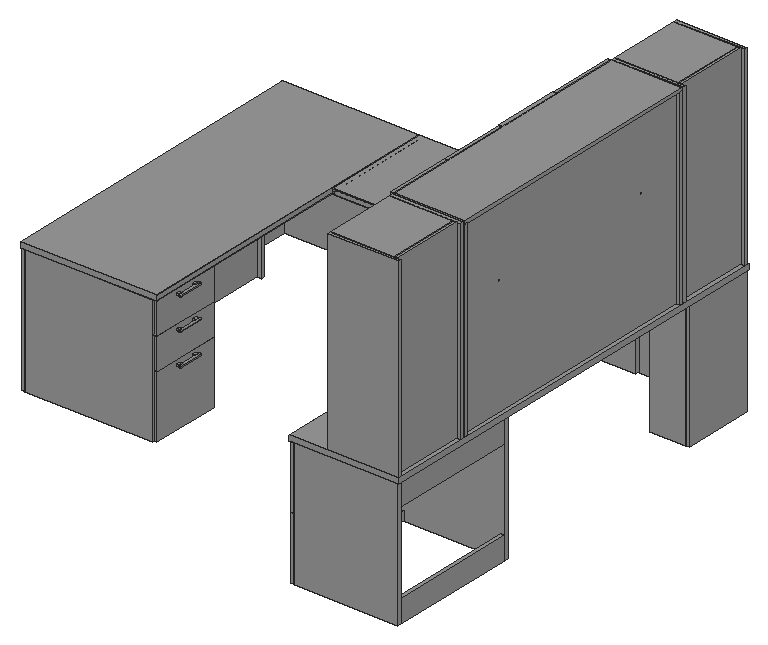
Revit family "JSI-Vision-Typical_Laminate-VST114", category Furniture, Revit 2020
Family settings
  OmniClass Number = 23.40.20.00
  OmniClass Title = General Furniture and Specialties
  Work Plane-Based = No
  Always vertical = Yes
  Cut with Voids When Loaded = No
  Shared = No
  Room Calculation Point = No
Parameters (values of type "VST114")
  URL = "www.jsifurniture.com"
  Type Comments = "Typical Laminate"  # constant formula
  Model = "VST114"
  Manufacturer = "JSI"  # constant formula
  Keynote = "12500"
  Default Elevation = 0"
  Assembly Code = "E2020200"
Reference planes (in)
  plane 1 "Center Front/Back": y = 0
  plane 2: z = 0
  plane 3 "Center Left/Right": x = 0
Dimensions and locks (in)
  aligned and locked: level to plane 2
Nested families (in)
  nested 1: "JSI-Vision-Overhead_Bookcase" at (102.25, -78, -0.8165) x (0, -1, 0) z (0, 0, 1), type "VST1618BO, Laminate Bookcase OH Cab. 16" x 18""
    with Width 18", Unit Centre 9"
  nested 2: "JSI-Vision-Modular_Wing_End_Support" at (102.25, 0, 0) x (0, -1, 0) z (0, 0, 1), type "VST1624WEAL, Wing End Sup - Left"
  nested 3: "JSI-Vision-Overhead_Cabinets" at (102.25, -17.875, -0.8165) x (0, -1, 0) z (0, 0, 1), type "VST1660SO, Laminate OH Cab. 16" x 60", 4 Doors"
    with Verticall Partition Distance 29 3/4", Unit Centre 30", Width 60", Door Width Actual 14 25/32", Door Array Spacing 14 29/32", Door Width 14 25/32", # of Doors 4
  nested 4: "JSI-Vision-Credenza_Top" at (102.25, 0, 27.996) x (0, -1, 0) z (0, 0, 1), type "VST2496MCT, Laminate Credenza Top, 24" x 96""
    with Height 0", Width 96", Depth 24"
  nested 5: "JSI-Vision-Modular_Multi_File_Pedestal" at (102.25, -65.75, 0) x (0, -1, 0) z (0, 0, 1), type "VST3024MRM, Laminate Modular Multi File Ped - Right"
    with Multi Pstn 22 5/8", L no, Height 27.996", Depth 24"
  nested 6: "JSI-Vision-Single_Pedestal_Desk-Break_Front_Modesty" at (10.75, -35.93587, 0) x (0, 1, 0) z (0, 0, 1), type "VST3072LD, Laminate 30 x 72 Left Ped Desk, Brk Frnt Modesty"
    with Width 72", Height 29.187", Panel FF 56 1/4"
  nested 7: "JSI-Vision-Overhead_Bookcase" at (102.25, -18, -0.8165) x (0, 1, 0) z (0, 0, 1), type "VST1618BO, Laminate Bookcase OH Cab. 16" x 18""
    with Width 18", Unit Centre 9"
  nested 8: "JSI-Vision-Support_Rail_Work_Surface" at (91.25, -20.94691, 0.18378) x (0, -1, 0) z (0, 0, 1), type "GP0243SB, Metal Support Rail for Work Surface  2W 43 L 3/4H"
  nested 9: "JSI-Vision-Bridge_Modesty_Panel" at (30, 0, 0), type "VST2448EB, Bridge w/Modesty Panel 24"d x 48"w"
Definition of nested family "JSI-Vision-Overhead_Bookcase"
  Parameters (values of type "Overhead Bookcase - Type Catalog Family")
    Top = none
    Width = 36"
    Unit Centre = Width / 2  # 18"
    URL = "www.jsifurniture.com"
    Type Comments = ""
    Tag = "Open"
    Series = "Vision Casegoods"  # constant formula
    Overhead Height = 26 1/2"
    OH Elevation = 30"
    Model = "Type Catalog"
    Material = ""
    Manufacturer = "JSI"  # constant formula
    Keynote = "12500"  # constant formula
    JSI Enviromental Website = "http://www.jsifurniture.com/jsi_sustainability_intro.php"
    Height = 42"
    Grommet Finish = none
    Door Front = none
    Description = "Type Catalog"
    Depth = 15 7/16"
    Default Elevation = 0"
    Chassis = none
    Assembly Code = "E2020200"
  Reference planes (in)
    plane 1 "Center Front/Back": y = 0
    plane 2: z = 0
    plane 3 "Center Left/Right": x = 0
    plane 4: z = 0
    plane 5: y = -0.125
    plane 6: x = 0.125
    plane 7: x = 36
    plane 8: x = 35.875
    plane 9: y = -15.5625
    plane 10: y = -15.6875
    plane 11: y = -16.4375
    plane 12: x = 0.875
    plane 13: x = 35.125
    plane 14: x = 18
    plane 15: z = 72.5
    plane 16: z = 71.75
    plane 17: z = 30
    plane 18: x = 0.1875
    plane 19: x = 35.8125
    plane 20: z = 72
    plane 21: z = 56.875
    plane 22: z = 43.25
    plane 23: z = 57.25
    plane 24: z = 56.5
    plane 25: z = 43.625
    plane 26: z = 42.875
    plane 27: z = 55
  Forms (in)
    Extrusion 1, solid, material <- "Chassis"
      sketch origin (0, 0, 0) x (1, 0, 0) y (0, 1, 0)
        loop
          line (0.125, -0.125) -> (0.125, -15.5625) -> (0.875, -15.5625) -> (0.875, -0.125) -> (0.125, -0.125)
      from 30 to 72.5
    Extrusion 2, solid, material <- "Chassis"
      sketch origin (0, 0, 0) x (1, 0, 0) y (0, 1, 0)
        loop
          line (35.125, -0.125) -> (35.125, -15.5625) -> (35.875, -15.5625) -> (35.875, -0.125) -> (35.125, -0.125)
      from 30 to 72.5
    Extrusion 3, solid, material <- "Chassis"
      sketch origin (102.12288, -0.9375, 48) x (1, 0, 0) y (0, 0, 1)
        loop
          line (-101.24788, 24.5) -> (-101.24788, -18) -> (-66.99788, -18) -> (-66.99788, 24.5) -> (-101.24788, 24.5)
      from 0 to 0.75
    Extrusion 4, solid, material <- "Top"
      sketch origin (60, -0.125, 48) x (1, 0, 0) y (0, 0, 1)
        loop
          line (-59.125, 24.5) -> (-59.125, 23.75) -> (-24.875, 23.75) -> (-24.875, 24.5) -> (-59.125, 24.5)
      from 1.5625 to 15.4375
    Extrusion 5, solid, material <- "Chassis"
      sketch origin (60, -0.125, 48) x (1, 0, 0) y (0, 0, 1)
        loop
          line (-59.125, 9.25) -> (-59.125, 8.5) -> (-24.875, 8.5) -> (-24.875, 9.25) -> (-59.125, 9.25)
      from 1.5625 to 15.4375
    Extrusion 6, solid, material <- "Chassis"
      sketch origin (60, -0.125, 48) x (1, 0, 0) y (0, 0, 1)
        loop
          line (-59.125, -4.375) -> (-59.125, -5.125) -> (-24.875, -5.125) -> (-24.875, -4.375) -> (-59.125, -4.375)
      from 1.5625 to 15.4375
    Extrusion 7, solid, material <- "Chassis"
      sketch origin (0, 0, 0) x (1, 0, 0) y (0, 1, 0)
        loop
          line (0.875, -14.0625) -> (0.875, -14.8125) -> (35.125, -14.8125) -> (35.125, -14.0625) -> (0.875, -14.0625)
      from 55 to 56.5
  Lines and regions (in)
    symbolic lines
      curve 1: line (35.875, -0.125, 0) -> (0.125, -0.125, 0)
      curve 2: line (0.125, -0.125, 0) -> (0.125, -15.5625, 0)
      curve 3: line (0.125, -15.5625, 0) -> (35.875, -15.5625, 0)
      curve 4: line (35.875, -15.5625, 0) -> (35.875, -0.125, 0)
  Dimensions and locks (in)
    locked: plane 3 "Center Left/Right" to plane 6 at 0.125
    "Width": plane 3 "Center Left/Right" to plane 7
    locked: plane 8 to plane 7 at 0.125
    locked: plane 10 to plane 9 at 0.125
    locked: plane 11 to plane 10 at 0.75
    Extrusion 4 to Extrusion 3 to plane 5 to plane 1 "Center Front/Back" = 3/4" locked, 13/16" locked, 1/8" locked
    locked: plane 6 to plane 12 at 0.75
    locked: plane 13 to plane 8 at 0.75
    "Unit Centre": plane 3 "Center Left/Right" to plane 14
    locked: plane 15 to plane 16 at 0.75
    "OH Elevation": plane 17 to plane 4
    locked: plane 6 to plane 18 at 0.0625
    locked: plane 19 to plane 8 at 0.0625
    "Depth": plane 9 to plane 5
    locked: plane 15 to plane 20 at 0.5
    "Height": plane 20 to plane 17
    plane 23 to plane 21 to plane 24 = 3/8" locked, 3/8" locked
    plane 25 to plane 22 to plane 26 = 3/8" locked, 3/8" locked
    locked: plane 24 to plane 27 at 1.5
    equal spacing: plane 24, plane 22, plane 17
    "Overhead Height": plane 24 to plane 17
    plane 11 to Extrusion 7 sketch curve to Extrusion 7 sketch curve = 1 5/8" locked, 3/4" locked
    plane 5 to Extrusion 3 to Extrusion 3 = 13/16" locked, 3/4" locked
    aligned and locked: level to plane 2
    aligned and locked: plane 6 to Extrusion 1 sketch curve
    aligned and locked: Extrusion 1 sketch curve to plane 9
    aligned and locked: Extrusion 1 sketch curve to plane 12
    aligned and locked: plane 5 to Extrusion 1 sketch curve
    aligned and locked: plane 13 to Extrusion 2 sketch curve
    aligned and locked: Extrusion 2 sketch curve to plane 9
    aligned and locked: Extrusion 2 sketch curve to plane 8
    aligned and locked: plane 5 to Extrusion 2 sketch curve
    aligned and locked: plane 12 to Extrusion 3 sketch curve
    aligned and locked: Extrusion 3 sketch curve to plane 13
    aligned and locked: Extrusion 1 to plane 17
    aligned and locked: Extrusion 2 to plane 17
    aligned and locked: plane 16 to Extrusion 4 sketch curve
    aligned and locked: Extrusion 4 sketch curve to plane 15
    aligned and locked: Extrusion 5 sketch curve to plane 23
    aligned and locked: plane 24 to Extrusion 5 sketch curve
    aligned and locked: Extrusion 5 sketch curve to plane 13
    aligned and locked: plane 12 to Extrusion 5 sketch curve
    aligned and locked: Extrusion 6 sketch curve to plane 25
    aligned and locked: plane 26 to Extrusion 6 sketch curve
    aligned and locked: Extrusion 6 sketch curve to plane 13
    aligned and locked: plane 12 to Extrusion 6 sketch curve
    aligned and locked: plane 9 to Extrusion 5
    aligned and locked: plane 9 to Extrusion 6
    aligned and locked: Extrusion 7 sketch curve to plane 13
    aligned and locked: plane 12 to Extrusion 7 sketch curve
    aligned and locked: plane 24 to Extrusion 7
    aligned and locked: Extrusion 7 to plane 27
    aligned and locked: plane 14 to nested 1
    aligned and locked: plane 9 to nested 1
    aligned and locked: plane 15 to Extrusion 1
    aligned and locked: plane 15 to Extrusion 2
    aligned and locked: plane 15 to Extrusion 3
    aligned and locked: plane 13 to Extrusion 4
    aligned and locked: Extrusion 4 to plane 12
    aligned and locked: plane 9 to Extrusion 4
    aligned and locked: curve 1 to Extrusion 1
    aligned and locked: curve 2 to Extrusion 1
    aligned and locked: curve 3 to Extrusion 4
    aligned and locked: curve 4 to Extrusion 2
    aligned and locked: Extrusion 3 to Extrusion 4
    aligned and locked: Extrusion 5 to Extrusion 3
    aligned and locked: Extrusion 6 to Extrusion 3
  Automatic sketch dimensions
    plane 16 to Extrusion 3 sketch curve = 3/4"
    plane 6 to Extrusion 4 sketch curve = 3/4"
    Extrusion 4 sketch curve to plane 8 = 3/4"
    Extrusion 3 sketch curve to plane 17 = 0"
  Nested families (in)
    nested 1: "Label 1-16 OH" at (18, -15.5625, 0), type "OH DOORS"
  Definition of nested family "Label 1-16 OH"
    Parameters
      Width = 1"
      Model Name = "4 Doors"
    Reference planes (in)
      plane 1: y = 0
      plane 2: x = 0
    Text (in)
      label "XX" at (0.00051, -0.12324, 0), shows "Model Name"
Definition of nested family "JSI-Vision-Modular_Wing_End_Support"
  Parameters (values of type "VST1624WEAL, Wing End Sup - Left")
    Width = 16"
    URL = "www.jsifurniture.com"
    Series = "Vision Casegoods"  # constant formula
    Pnl Pstn = if(L, 1/8", Width - 7/8")  # 1/8"
    Model = "VST1624WEAL"
    Manufacturer = "JSI"  # constant formula
    L = yes
    Keynote = "12500"  # constant formula
    JSI Enviromental website = "http://www.jsifurniture.com/jsi_sustainability_intro.php"
    Height = 28"
    Grommet Finish = none
    Description = "Wing End Support 16\"W x 24\"D - Left"
    Depth = 24"
    Default Elevation = 0"
    Chassis = none
    Assembly Code = "E2020200"
  Reference planes (in)
    plane 1 "Center Front/Back": y = 0
    plane 2: z = 0
    plane 3 "Center Left/Right": x = 0
    plane 4: x = 0.125
    plane 5: x = 15.875
    plane 6: x = 16
    plane 7: y = -0.1875
    plane 8: z = 28
    plane 9: x = 0.875
    plane 10: x = 15.126
    plane 11: y = -24
    plane 12: y = -23.8125
    plane 13: y = -0.9375
    plane 14: x = 0.125
    plane 15: x = 15.875
  Forms (in)
    Extrusion 1, solid, material <- "Chassis"
      sketch origin (0, 0, 0) x (1, 0, 0) y (0, 1, 0)
        loop
          line (0.125, -0.1875) -> (0.125, -0.9375) -> (15.875, -0.9375) -> (15.875, -0.1875) -> (0.125, -0.1875)
      from 0 to 28
    Extrusion 2, solid, material <- "Chassis"
      sketch origin (0.125, -0.1875, 48) x (0, 1, 0) y (0, 0, 1)
        loop
          line (-0.75, -20) -> (-23.625, -20) -> (-23.625, -48) -> (-0.75, -48) -> (-0.75, -20)
      from 0 to 0.75
    Extrusion 3, solid, material <- "Chassis"
      sketch origin (15.875, -0.1875, 48) x (0, 1, 0) y (0, 0, 1)
        loop
          line (-0.75, -20) -> (-8.75, -20) -> (-8.75, -48) -> (-0.75, -48) -> (-0.75, -20)
      from -0.749 to 0
    Extrusion 4, solid, material <- "Chassis"
      sketch origin (0, 0, 0) x (0, 1, 0) y (0, 0, 1)
        loop
          line (-0.9375, 1.75) -> (-0.9375, 2.5) -> (-2.875, 2.5) -> (-2.875, 1.75) -> (-0.9375, 1.75)
      from 0.875 to 15.126
  Lines and regions (in)
    symbolic lines
      curve 1: line (15.875, -0.1875, 0) -> (0.125, -0.1875, 0)
      curve 2: line (0.125, -23.8125, 0) -> (0.125, -0.1875, 0)
      curve 3: line (15.875, -0.1875, 0) -> (15.875, -4.9375, 0)
      curve 4: line (0.125, -0.9375, 0) -> (15.875, -0.9375, 0)
      curve 5: line (0.875, -0.9375, 0) -> (0.875, -23.8125, 0)
      curve 6: line (0.125, -23.8125, 0) -> (0.875, -23.8125, 0)
      curve 7: line (15.126, -0.9375, 0) -> (15.126, -4.9375, 0)
      curve 8: line (15.126, -4.9375, 0) -> (15.875, -4.9375, 0)
  Dimensions and locks (in)
    locked: plane 1 "Center Front/Back" to plane 7 at 0.1875
    "Height": plane 8 to level
    locked: plane 4 to plane 9 at 0.75
    locked: plane 10 to plane 5 at 0.749
    "Depth": plane 11 to plane 1 "Center Front/Back"
    "Width": plane 3 "Center Left/Right" to plane 6
    locked: plane 3 "Center Left/Right" to plane 14 at 0.125
    locked: plane 15 to plane 6 at 0.125
    locked: Extrusion 1 to Extrusion 4 at 0.75
    locked: Extrusion 4 to Extrusion 1 at 0.749
    "Pnl Pstn": plane 3 "Center Left/Right" to plane 4
    "Pnl Pstn": plane 5 to plane 6
    locked: plane 12 to plane 11 at 0.1875
    Extrusion 4 to Extrusion 4 to plane 2 = 3/4" locked, 1 3/4" locked
    locked: plane 13 to Extrusion 4 at 1.9375
    aligned and locked: level to plane 2
    aligned and locked: Extrusion 1 sketch curve to plane 7
    aligned and locked: Extrusion 2 sketch curve to level
    aligned and locked: Extrusion 3 sketch curve to plane 8
    aligned and locked: level to Extrusion 3 sketch curve
    aligned and locked: Extrusion 2 to plane 12
    aligned and locked: plane 13 to Extrusion 2
    aligned and locked: plane 9 to Extrusion 2
    aligned and locked: Extrusion 2 to plane 4
    aligned and locked: Extrusion 1 to plane 14
    aligned and locked: plane 15 to Extrusion 1
    aligned and locked: curve 6 to plane 12
    aligned and locked: plane 13 to Extrusion 4 sketch curve
    aligned and locked: plane 13 to Extrusion 3
    aligned and locked: plane 14 to curve 1
  Automatic sketch dimensions
    plane 11 to Extrusion 3 sketch curve = 15 1/16"
    Extrusion 2 sketch curve to plane 8 = 0"
    plane 12 to Extrusion 2 sketch curve = 0"
    Extrusion 1 sketch curve to plane 7 = 3/4"
    Extrusion 2 sketch curve to plane 7 = 3/4"
    Extrusion 3 sketch curve to plane 7 = 3/4"
    Extrusion 1 sketch curve to plane 4 = 0"
    plane 5 to Extrusion 1 sketch curve = 0"
    curve 7 to plane 10 = 0"
    curve 3 to plane 5 = 0"
    curve 2 to plane 4 = 0"
    curve 6 to plane 9 = 0"
    curve 1 to plane 15 = 0"
    curve 4 to plane 13 = 0"
    curve 7 to plane 13 = 0"
    curve 5 to plane 13 = 0"
    curve 2 to plane 7 = 0"
    level to Extrusion 4 sketch curve = 1 3/4"
    Extrusion 4 sketch curve to Extrusion 4 sketch curve = 3/4"
    curve 3 to curve 4 = 4"
    Extrusion 4 sketch curve to plane 13 = 1 15/16"
Definition of nested family "JSI-Vision-Overhead_Cabinets"
  Parameters (values of type "Overhead Cab. Doors - Type Catalog Family")
    Verticall Partition Distance = (Door Width * 2) + 3/16"  # 29 13/16"
    Unit Centre = Width / 2  # 45"
    Top = none
    Width = 90"
    URL = "www.jsifurniture.com"
    Type Comments = ""
    Tag = "6 Doors"
    Series = "Vision Casegoods"  # constant formula
    Right Vertical Partition = yes
    Overhead Height = 26 1/2"
    OH Elevation = 30"
    Model = "Type Catalog"
    Material = ""
    Manufacturer = "JSI"  # constant formula
    Left Vertical Partition = yes
    Keynote = "12500"  # constant formula
    JSI Enviromental Website = "http://www.jsifurniture.com/jsi_sustainability_intro.php"
    Height = 42"
    Grommet Finish = none
    Gromett Height = OH Elevation + 24 5/8"  # 54 5/8"
    Door Width Actual = if(# of Doors > 4, ((Width - 1 1/8") / # of Doors), if(# of Doors > 3, (((Width - 1 1/8") / # of Doors) + 1/16"), if(# of Doors > 2, (((Width - 1 1/8") / # of Doors) + 1/8"), (((Width - 1 1/8") / # of Doors) + 1/4"))))  # 14 13/16"
    Door Array Spacing = Door Width + 1/8"  # 14 15/16"
    Door Width = Door Width Actual  # 14 13/16"
    Door Front = none
    Description = "Type Catalog"
    Depth = 16"
    Default Elevation = 0"
    Chassis = none
    Assembly Code = "E2020200"
    # of Doors = if(Width > 89", 6, (if(Width > 53", 4, (if(Width > 41", 3, (if(Width > 30", 2, 2)))))))  # 6
  Reference planes (in)
    plane 1 "Center Front/Back": y = 0
    plane 2: z = 0
    plane 3 "Center Left/Right": x = 0
    plane 4 "a": z = 0
    plane 5: y = -0.125
    plane 6: x = 90
    plane 7: x = 0.125
    plane 8: x = 89.875
    plane 9: y = -15.5625
    plane 10: y = -16
    plane 11: z = 72.5
    plane 12: z = 72
    plane 13: x = 0.875
    plane 14: x = 89.125
    plane 15: y = -0.875
    plane 16: y = -0.9375
    plane 17: y = -1.6875
    plane 18: z = 71.75
    plane 19: z = 56.5
    plane 20: z = 57.25
    plane 21: z = 55
    plane 22: y = -14.8125
    plane 23: y = -14.0625
    plane 24: x = 0.25
    plane 25: x = 89.75
    plane 26: z = 72.4375
    plane 27: z = 55.1875
    plane 28: y = -15.6875
    plane 29: y = -16.4375
    plane 30: x = 45
    plane 31: x = 30.0625
    plane 32: x = 59.9375
    plane 33: x = 29.6875
    plane 34: x = 30.4375
    plane 35: x = 59.5625
    plane 36: x = 60.3125
    plane 37 "Not a Reference": x = 6.875
    plane 38: x = 83.125
    plane 39: z = 30
  Forms (in)
    Extrusion 1, solid, material <- "Chassis"
      sketch origin (0, 0, 0) x (1, 0, 0) y (0, 1, 0)
        loop
          line (0.125, -0.125) -> (0.125, -15.5625) -> (0.875, -15.5625) -> (0.875, -0.125) -> (0.125, -0.125)
      from 30 to 71.75
    Extrusion 2, solid, material <- "Chassis"
      sketch origin (0, 0, 0) x (1, 0, 0) y (0, 1, 0)
        loop
          line (89.875, -0.125) -> (89.125, -0.125) -> (89.125, -15.5625) -> (89.875, -15.5625) -> (89.875, -0.125)
      from 30 to 71.75
    Extrusion 3, solid, material <- "Door Front"
      sketch origin (0, 0, 0) x (1, 0, 0) y (0, 0, 1)
        loop
          line (0.125, 72.5) -> (0.125, 71.75) -> (89.875, 71.75) -> (89.875, 72.5) -> (0.125, 72.5)
      from 0.125 to 15.5625
    Extrusion 4, solid, material <- "Chassis"
      sketch origin (0, 0, 0) x (1, 0, 0) y (0, 0, 1)
        loop
          line (0.875, 57.25) -> (0.875, 56.5) -> (89.125, 56.5) -> (89.125, 57.25) -> (0.875, 57.25)
      from 1.6875 to 15.5625
    Extrusion 5, solid, material <- "Chassis"
      sketch origin (0, 0, 0) x (1, 0, 0) y (0, 1, 0)
        loop
          line (0.875, -14.0625) -> (0.875, -14.8125) -> (89.125, -14.8125) -> (89.125, -14.0625) -> (0.875, -14.0625)
      from 55 to 56.5
    Extrusion 6, solid, material <- "Door Front"
      sketch origin (-3, 0, 18) x (1, 0, 0) y (0, 1, 0)
        loop
          line (3.25, -15.6875) -> (3.25, -16.4375) -> (18.0625, -16.4375) -> (18.0625, -15.6875) -> (3.25, -15.6875)
      from 37.1875 to 54.4375
    Extrusion 7, solid, material <- "Door Front"
      sketch origin (11.9375, 0, 18) x (1, 0, 0) y (0, 1, 0)
        loop
          line (3.25, -15.6875) -> (3.25, -16.4375) -> (18.0625, -16.4375) -> (18.0625, -15.6875) -> (3.25, -15.6875)
      from 37.1875 to 54.4375
    Extrusion 8, solid, material <- "Chassis", visible <- "Left Vertical Partition"
      sketch origin (0, 0, 0) x (1, 0, 0) y (0, 1, 0)
        loop
          line (29.6875, -1.6875) -> (29.6875, -15.5625) -> (30.4375, -15.5625) -> (30.4375, -1.6875) -> (29.6875, -1.6875)
      from 57.25 to 71.75
    Extrusion 9, solid, material <- "Chassis", visible <- "Right Vertical Partition"
      sketch origin (0, 0, 0) x (1, 0, 0) y (0, 1, 0)
        loop
          line (59.5625, -1.6875) -> (59.5625, -15.5625) -> (60.3125, -15.5625) -> (60.3125, -1.6875) -> (59.5625, -1.6875)
      from 57.25 to 71.75
    Extrusion 10, solid, material <- "Chassis"
      sketch origin (130.61992, -0.9375, 48) x (1, 0, 0) y (0, 0, 1)
        loop
          line (-129.74492, 23.75) -> (-129.74492, -18) -> (-41.49492, -18) -> (-41.49492, 23.75) -> (-129.74492, 23.75)
        loop
          circle (-120.11946, 7.90657) r 0.33443
        loop
          circle (-51.12039, 7.90657) r 0.33443
      from 0 to 0.75
    Extrusion 11, solid, material <- "Door Front"
      sketch origin (26.875, 0, 18) x (1, 0, 0) y (0, 1, 0)
        loop
          line (3.25, -15.6875) -> (3.25, -16.4375) -> (18.0625, -16.4375) -> (18.0625, -15.6875) -> (3.25, -15.6875)
      from 37.1875 to 54.4375
    Extrusion 12, solid, material <- "Door Front"
      sketch origin (41.8125, 0, 18) x (1, 0, 0) y (0, 1, 0)
        loop
          line (3.25, -15.6875) -> (3.25, -16.4375) -> (18.0625, -16.4375) -> (18.0625, -15.6875) -> (3.25, -15.6875)
      from 37.1875 to 54.4375
    Extrusion 13, solid, material <- "Door Front"
      sketch origin (56.75, 0, 18) x (1, 0, 0) y (0, 1, 0)
        loop
          line (3.25, -15.6875) -> (3.25, -16.4375) -> (18.0625, -16.4375) -> (18.0625, -15.6875) -> (3.25, -15.6875)
      from 37.1875 to 54.4375
    Extrusion 14, solid, material <- "Door Front"
      sketch origin (71.6875, 0, 18) x (1, 0, 0) y (0, 1, 0)
        loop
          line (3.25, -15.6875) -> (3.25, -16.4375) -> (18.0625, -16.4375) -> (18.0625, -15.6875) -> (3.25, -15.6875)
      from 37.1875 to 54.4375
  Lines and regions (in)
    symbolic lines
      curve 1: line (0.125, -0.125, 0) -> (0.125, -15.5625, 0)
      curve 2: line (89.875, -0.125, 0) -> (0.125, -0.125, 0)
      curve 3: line (0.125, -15.5625, 0) -> (89.875, -15.5625, 0)
      curve 4: line (89.875, -15.5625, 0) -> (89.875, -0.125, 0)
      curve 5: line (0.25, -15.6875, 0) -> (15.0625, -15.6875, 0)
      curve 6: line (0.25, -16.4375, 0) -> (0.25, -15.6875, 0)
      curve 7: line (15.0625, -16.4375, 0) -> (0.25, -16.4375, 0)
      curve 8: line (15.0625, -15.6875, 0) -> (15.0625, -16.4375, 0)
      curve 9: line (15.1875, -15.6875, 0) -> (30, -15.6875, 0)
      curve 10: line (15.1875, -16.4375, 0) -> (15.1875, -15.6875, 0)
      curve 11: line (30, -16.4375, 0) -> (15.1875, -16.4375, 0)
      curve 12: line (30, -15.6875, 0) -> (30, -16.4375, 0)
      curve 13: line (30.125, -15.6875, 0) -> (44.9375, -15.6875, 0)
      curve 14: line (30.125, -16.4375, 0) -> (30.125, -15.6875, 0)
      curve 15: line (44.9375, -16.4375, 0) -> (30.125, -16.4375, 0)
      curve 16: line (44.9375, -15.6875, 0) -> (44.9375, -16.4375, 0)
      curve 17: line (45.0625, -15.6875, 0) -> (59.875, -15.6875, 0)
      curve 18: line (45.0625, -16.4375, 0) -> (45.0625, -15.6875, 0)
      curve 19: line (59.875, -16.4375, 0) -> (45.0625, -16.4375, 0)
      curve 20: line (59.875, -15.6875, 0) -> (59.875, -16.4375, 0)
      curve 21: line (60, -15.6875, 0) -> (74.8125, -15.6875, 0)
      curve 22: line (60, -16.4375, 0) -> (60, -15.6875, 0)
      curve 23: line (74.8125, -16.4375, 0) -> (60, -16.4375, 0)
      curve 24: line (74.8125, -15.6875, 0) -> (74.8125, -16.4375, 0)
      curve 25: line (74.9375, -15.6875, 0) -> (89.75, -15.6875, 0)
      curve 26: line (74.9375, -16.4375, 0) -> (74.9375, -15.6875, 0)
      curve 27: line (89.75, -16.4375, 0) -> (74.9375, -16.4375, 0)
      curve 28: line (89.75, -15.6875, 0) -> (89.75, -16.4375, 0)
  Dimensions and locks (in)
    plane 3 "Center Left/Right" to plane 7 to plane 24 = 1/8" locked, 1/8" locked
    plane 25 to plane 8 to plane 6 = 1/8" locked, 1/8" locked
    locked: plane 5 to plane 1 "Center Front/Back" at 0.125
    plane 10 to plane 9 to plane 22 to plane 23 = 7/16" locked, 3/4" locked, 3/4" locked
    "Width": plane 3 "Center Left/Right" to plane 6
    "Depth": plane 10 to plane 1 "Center Front/Back"
    locked: plane 11 to plane 12 at 0.5
    locked: plane 7 to plane 13 at 0.75
    locked: plane 14 to plane 8 at 0.75
    locked: plane 15 to plane 5 at 0.75
    plane 17 to plane 16 to plane 5 = 3/4" locked, 13/16" locked
    locked: plane 11 to plane 18 at 0.75
    plane 20 to plane 19 to plane 21 = 3/4" locked, 1 1/2" locked
    plane 18 to plane 20 = 14 1/2"
    locked: plane 11 to plane 26 at 0.0625
    locked: plane 27 to plane 21 at 0.1875
    plane 29 to plane 28 to plane 9 = 3/4" locked, 1/8" locked
    "Door Width": Extrusion 6 sketch curve to Extrusion 6 sketch curve
    "Door Width": Extrusion 7 sketch curve to Extrusion 7 sketch curve
    equal spacing: group 1, group 2, group 3, group 4, group 5, group 6  (x3)
    "Door Array Spacing": Extrusion 6 to Extrusion 7
    "Verticall Partition Distance": plane 24 to plane 31
    plane 33 to plane 31 to plane 34 = 3/8" locked, 3/8" locked
    plane 35 to plane 32 to plane 36 = 3/8" locked, 3/8" locked
    "Verticall Partition Distance": plane 32 to plane 25
    "Unit Centre": plane 3 "Center Left/Right" to plane 30
    locked: plane 13 to plane 37 "Not a Reference" at 6
    locked: plane 38 to plane 14 at 6
    "Door Width": Extrusion 11 sketch curve to Extrusion 11 sketch curve
    "Door Width": Extrusion 12 sketch curve to Extrusion 12 sketch curve
    "OH Elevation": plane 39 to plane 4 "a"
    "Height": plane 12 to plane 39
    "Overhead Height": plane 19 to plane 39
    "Door Width": Extrusion 13 sketch curve to Extrusion 13 sketch curve
    "Door Width": Extrusion 14 sketch curve to Extrusion 14 sketch curve
    locked: Extrusion 10 sketch curve to Extrusion 10 sketch curve at 9.62546  (x2)
    locked: Extrusion 10 sketch curve to Extrusion 10 sketch curve at 15.84343  (x2)
    aligned and locked: level to plane 2
    aligned and locked: plane 5 to Extrusion 1 sketch curve
    aligned and locked: plane 7 to Extrusion 1 sketch curve
    aligned and locked: Extrusion 1 sketch curve to plane 13
    aligned and locked: Extrusion 2 sketch curve to plane 5
    aligned and locked: plane 8 to Extrusion 2 sketch curve
    aligned and locked: Extrusion 2 sketch curve to plane 14
    aligned and locked: Extrusion 3 sketch curve to plane 11
    aligned and locked: plane 7 to Extrusion 3 sketch curve
    aligned and locked: Extrusion 3 to plane 5
    aligned and locked: plane 9 to Extrusion 1
    aligned and locked: plane 9 to Extrusion 2
    aligned and locked: plane 9 to Extrusion 3
    aligned and locked: Extrusion 4 sketch curve to plane 20
    aligned and locked: plane 13 to Extrusion 4 sketch curve
    aligned and locked: plane 19 to Extrusion 4 sketch curve
    aligned and locked: Extrusion 4 sketch curve to plane 14
    aligned and locked: Extrusion 4 to plane 17
    aligned and locked: plane 9 to Extrusion 4
    aligned and locked: plane 23 to Extrusion 5 sketch curve
    aligned and locked: plane 13 to Extrusion 5 sketch curve
    aligned and locked: Extrusion 5 sketch curve to plane 22
    aligned and locked: Extrusion 5 sketch curve to plane 14
    aligned and locked: plane 19 to Extrusion 5
    aligned and locked: Extrusion 5 to plane 21
    aligned and locked: plane 26 to Extrusion 6
    aligned and locked: Extrusion 6 to plane 24
    aligned and locked: plane 17 to Extrusion 8 sketch curve
    aligned and locked: plane 33 to Extrusion 8 sketch curve
    aligned and locked: Extrusion 8 sketch curve to plane 9
    aligned and locked: Extrusion 8 sketch curve to plane 34
    aligned and locked: plane 17 to Extrusion 9 sketch curve
    aligned and locked: plane 35 to Extrusion 9 sketch curve
    aligned and locked: Extrusion 9 sketch curve to plane 9
    aligned and locked: Extrusion 9 sketch curve to plane 36
    aligned and locked: plane 18 to Extrusion 8
    aligned and locked: Extrusion 8 to plane 20
    aligned and locked: plane 18 to Extrusion 9
    aligned and locked: Extrusion 9 to plane 20
    aligned and locked: Extrusion 1 to Extrusion 10 sketch curve
    aligned and locked: Extrusion 10 sketch curve to Extrusion 1
    aligned and locked: Extrusion 2 to Extrusion 10 sketch curve
    aligned and locked: Extrusion 10 to plane 16
    aligned and locked: plane 17 to Extrusion 10
    aligned and locked: plane 30 to nested 1
    aligned and locked: plane 29 to nested 1
    aligned and locked: plane 26 to Extrusion 7
    aligned and locked: plane 18 to Extrusion 1
    aligned and locked: plane 18 to Extrusion 2
    aligned and locked: Extrusion 6 to plane 27
    aligned and locked: curve 1 to Extrusion 3
    aligned and locked: curve 2 to Extrusion 3
    aligned and locked: curve 3 to Extrusion 3
    aligned and locked: curve 4 to Extrusion 3
    aligned and locked: Extrusion 1 to plane 39
    aligned and locked: Extrusion 2 to plane 39
    aligned and locked: curve 5 to Extrusion 6
    aligned and locked: curve 6 to Extrusion 6
    aligned and locked: curve 7 to Extrusion 6
    aligned and locked: curve 8 to Extrusion 6
    aligned and locked: curve 9 to Extrusion 7
    aligned and locked: curve 10 to Extrusion 7
    aligned and locked: curve 11 to Extrusion 7
    aligned and locked: curve 12 to Extrusion 7
    aligned and locked: curve 13 to Extrusion 11
    aligned and locked: curve 14 to Extrusion 11
    aligned and locked: curve 15 to Extrusion 11
    aligned and locked: curve 16 to Extrusion 11
    aligned and locked: curve 17 to Extrusion 12
    aligned and locked: curve 18 to Extrusion 12
    aligned and locked: curve 19 to Extrusion 12
    aligned and locked: curve 20 to Extrusion 12
    aligned and locked: curve 21 to Extrusion 13
    aligned and locked: curve 22 to Extrusion 13
    aligned and locked: curve 23 to Extrusion 13
    aligned and locked: curve 24 to Extrusion 13
    aligned and locked: curve 25 to Extrusion 14
    aligned and locked: curve 26 to Extrusion 14
    aligned and locked: curve 27 to Extrusion 14
    aligned and locked: curve 28 to Extrusion 14
  Automatic sketch dimensions
    Extrusion 1 sketch curve to plane 10 = 7/16"
    Extrusion 3 sketch curve to plane 8 = 0"
    Extrusion 3 sketch curve to plane 18 = 0"
    plane 9 to Extrusion 2 sketch curve = 0"
    Extrusion 6 sketch curve to Extrusion 6 sketch curve = 3/4"
    Extrusion 7 sketch curve to Extrusion 7 sketch curve = 3/4"
    Extrusion 11 sketch curve to Extrusion 11 sketch curve = 3/4"
    Extrusion 12 sketch curve to Extrusion 12 sketch curve = 3/4"
    curve 6 to curve 7 = 14 13/16"
    curve 6 to curve 6 = 3/4"
    curve 10 to curve 11 = 14 13/16"
    curve 10 to curve 10 = 3/4"
    curve 14 to curve 15 = 14 13/16"
    curve 14 to curve 14 = 3/4"
    curve 18 to curve 19 = 14 13/16"
    curve 18 to curve 18 = 3/4"
    Extrusion 13 sketch curve to Extrusion 13 sketch curve = 3/4"
    curve 22 to curve 23 = 14 13/16"
    curve 22 to curve 22 = 3/4"
    Extrusion 14 sketch curve to Extrusion 14 sketch curve = 3/4"
    curve 26 to curve 27 = 14 13/16"
    curve 26 to curve 26 = 3/4"
    Extrusion 10 sketch curve to plane 39 = 0"
    radius of Extrusion 10 sketch curve = 0.33443"  (x2)
  Nested families (in)
    nested 1: "Label 1-16 OH" at (45, -16.4375, 0), type "OH DOORS"
  Definition of nested family "Label 1-16 OH"
    Parameters
      Width = 1"
      Model Name = "XX"
    Reference planes (in)
      plane 1: y = 0
      plane 2: x = 0
    Text (in)
      label "XX" at (0.00051, -0.12324, 0), shows "Model Name"
Definition of nested family "JSI-Vision-Credenza_Top"
  Parameters (values of type "Type Catalog")
    Worksurface = none
    Width = 30"
    URL = "www.jsifurniture.com"
    Type Comments = ""
    Series = "Vision Casegoods"  # constant formula
    Model = "Type Catalog"
    Material = ""
    Manufacturer = "JSI"  # constant formula
    Keynote = "12500"
    JSI Enviromental Website = "http://www.jsifurniture.com/jsi_sustainability_intro.php"
    Height [instance] = 0"
    Description = "Type Catalog"
    Depth = 20"
    Default Elevation = 0"
    Assembly Code = "E2020200"
  Reference planes (in)
    plane 1 "Center Front/Back": y = 0
    plane 2: z = 0
    plane 3 "Center Left/Right": x = 0
    plane 4: z = 0
    plane 5: x = 30
    plane 6: y = -20
    plane 7: z = 1.1875
    plane 8: z = 0
  Forms (in)
    Extrusion 1, solid, material <- "Worksurface"
      sketch origin (0, 0, 28) x (0, 1, 0) y (0, 0, 1)
        loop
          line (-19.88189, -28) -> (0, -28) -> (0, -26.8125) -> (-19.88189, -26.8125)
          arc (-19.88189, -26.8125) -> (-19.96541, -26.84709) -> (-20, -26.93061) r 0.11811
          line (-20, -26.93061) -> (-20, -27.88189)
          arc (-20, -27.88189) -> (-19.96541, -27.96541) -> (-19.88189, -28) r 0.11811
      from 0 to 30
  Lines and regions (in)
    symbolic lines
      curve 1: line (0, 0, 0) -> (30, 0, 0)
      curve 2: line (0, -20, 0) -> (0, 0, 0)
      curve 3: line (30, -20, 0) -> (0, -20, 0)
      curve 4: line (30, 0, 0) -> (30, -20, 0)
  Dimensions and locks (in)
    "Depth": plane 6 to plane 1 "Center Front/Back"
    "Width": plane 5 to plane 3 "Center Left/Right"
    locked: plane 7 to plane 8 at 1.1875
    "Height": plane 8 to level
    aligned and locked: level to plane 2
    aligned and locked: plane 5 to Extrusion 1
    aligned and locked: curve 1 to Extrusion 1
    aligned and locked: curve 2 to Extrusion 1
    aligned and locked: plane 6 to curve 3
    aligned and locked: curve 4 to plane 5
    aligned and locked: Extrusion 1 to plane 8
    aligned and locked: plane 7 to Extrusion 1
  Automatic sketch dimensions
    Extrusion 1 sketch curve to plane 6 = 0"
    level to Extrusion 1 sketch curve = 0"
    Extrusion 1 sketch curve to plane 7 = 0"
    Extrusion 1 sketch curve to plane 1 "Center Front/Back" = 0"
    Extrusion 1 sketch curve to Extrusion 1 sketch curve = 0.11811"
    plane 6 to Extrusion 1 sketch curve = 0.11811"
Definition of nested family "JSI-Vision-Modular_Multi_File_Pedestal"
  Parameters (values of type "Type Catalog")
    Width = 30"
    URL = "www.jsifurniture.com"
    Tag = "Multi File"
    Series = "Vision Casegoods"  # constant formula
    Pull Finish = none
    Multi Pstn = if(L, (Width / 4) + 1/8", (3 * Width / 4) + 1/8")  # 7 5/8"
    Model = "Type Catalog"
    Manufacturer = "JSI"  # constant formula
    L = yes
    Keynote = "12500"
    JSI Enviromental website = "http://www.jsifurniture.com/jsi_sustainability_intro.php"
    Height = 28"
    Drwr Width = (Width / 2) - 1/8"  # 14 7/8"
    Description = "Type Catalog"
    Depth = 20"
    Default Elevation = 0"
    Chassis = none
    Grommet Finish = none
    Drawer Front = none
    Assembly Code = "E2020200"
  Reference planes (in)
    plane 1 "Center Front/Back": y = 0
    plane 2: z = 0
    plane 3 "Center Left/Right": x = 0
    plane 4: x = 0.125
    plane 5: x = 30.125
    plane 6: x = 30.25
    plane 7: y = -18.9795
    plane 8: y = -0.1875
    plane 9: y = -19.1095
    plane 10: x = 0.18716
    plane 11: x = 30.06243
    plane 12: y = -19.8595
    plane 13: z = 0.14093
    plane 14: z = 13.95343
    plane 15: z = 14.07843
    plane 16: z = 27.89093
    plane 17: z = 28
    plane 18: x = 0.875
    plane 19: x = 29.376
    plane 20: y = -0.9375
    plane 21: y = -18.23863
    plane 22: z = 13.20284
    plane 23: z = 26.5625
    plane 24: y = -3.9375
    plane 25: x = 15.125
    plane 26: y = -20
    plane 27: y = -9.80266
    plane 28: y = -14.80266
    plane 29: z = 27.09458
    plane 30: z = 21.04768
    plane 31: z = 20.92218
    plane 32: z = 20.17102
    plane 33: x = 7.625
    plane 34: x = 22.625
  Forms (in)
    Extrusion 1, solid, material <- "Chassis"
      sketch origin (0.125, -0.1875, 48) x (0, 1, 0) y (0, 0, 1)
        loop
          line (0, -20) -> (-1.62159, -20) -> (-18.792, -20) -> (-18.792, -48) -> (0, -48) -> (0, -20)
      from 0 to 0.75
    Extrusion 2, solid, material <- "Chassis"
      sketch origin (30.125, -0.1875, 48) x (0, 1, 0) y (0, 0, 1)
        loop
          line (0, -20) -> (-1.14496, -20) -> (-18.792, -20) -> (-18.792, -48) -> (0, -48) -> (0, -20)
      from -0.749 to 0
    Extrusion 3, solid, material <- "Drawer Front"
      sketch origin (0, 0, 0) x (1, 0, 0) y (0, 0, 1)
        loop
          line (0.18716, 13.95343) -> (0.18716, 0.14093) -> (30.06243, 0.14093) -> (30.06243, 13.95343) -> (0.18716, 13.95343)
      from 19.1095 to 19.8595
    Extrusion 4, solid, material <- "Chassis"
      sketch origin (0, 0, 0) x (1, 0, 0) y (0, 1, 0)
        loop
          line (0.875, -18.23863) -> (0.875, -18.9795) -> (29.376, -18.9795) -> (29.376, -18.23863) -> (0.875, -18.23863)
      from 0 to 1.9375
    Extrusion 5, solid, material <- "Chassis"
      sketch origin (0, 0, 0) x (0, 1, 0) y (0, 0, 1)
        loop
          line (-9.80266, 27.09458) -> (-9.80266, 27.89093) -> (-14.80266, 27.89093) -> (-14.80266, 27.09458) -> (-9.80266, 27.09458)
      from 0.875 to 29.376
    Extrusion 6, solid, material <- "Drawer Front"
      sketch origin (0, 0, 0) x (1, 0, 0) y (0, 0, 1)
        loop
          line (0.1875, 14.07843) -> (15.0625, 14.07843) -> (15.0625, 27.89093) -> (0.1875, 27.89093) -> (0.1875, 14.07843)
      from 19.1095 to 19.8595
    Extrusion 7, solid, material <- "Drawer Front"
      sketch origin (0, 0, 0) x (1, 0, 0) y (0, 0, 1)
        loop
          line (15.1875, 21.04768) -> (30.0625, 21.04768) -> (30.0625, 27.89093) -> (15.1875, 27.89093) -> (15.1875, 21.04768)
        loop
          line (15.1875, 20.92218) -> (15.1875, 14.07843) -> (30.0625, 14.07843) -> (30.0625, 20.92218) -> (15.1875, 20.92218)
      from 19.1095 to 19.8595
    Extrusion 8, solid, material <- "Chassis"
      sketch origin (0, 0, 0) x (0, 1, 0) y (0, 0, 1)
        loop
          line (-0.1875, 28) -> (-0.9375, 28) -> (-0.9375, 23) -> (-0.1875, 23) -> (-0.1875, 28)
        loop
          line (-0.1875, 5) -> (-0.9375, 5) -> (-0.9375, 0) -> (-0.1875, 0) -> (-0.1875, 5)
      from 0.875 to 29.376
  Lines and regions (in)
    symbolic lines
      curve 1: line (0.125, -18.9795, 0) -> (0.125, -0.1875, 0)
      curve 2: line (30.125, -0.1875, 0) -> (30.125, -18.9795, 0)
      curve 3: line (0.18716, -19.1095, 0) -> (30.06243, -19.1095, 0)
      curve 4: line (0.18716, -19.8595, 0) -> (0.18716, -19.1095, 0)
      curve 5: line (30.06243, -19.8595, 0) -> (0.18716, -19.8595, 0)
      curve 6: line (30.06243, -19.1095, 0) -> (30.06243, -19.8595, 0)
      curve 7: line (0.875, -0.9375, 0) -> (0.875, -18.9795, 0)
      curve 8: line (0.125, -18.9795, 0) -> (0.875, -18.9795, 0)
      curve 9: line (29.376, -0.9375, 0) -> (29.376, -18.9795, 0)
      curve 10: line (29.376, -18.9795, 0) -> (30.125, -18.9795, 0)
      curve 11: line (0.875, -14.80266, 0) -> (29.376, -14.80266, 0)
      curve 12: line (0.875, -9.80266, 0) -> (29.376, -9.80266, 0)
      curve 13: line (30.125, -0.1875, 0) -> (0.125, -0.1875, 0)
      curve 14: line (0.875, -0.9375, 0) -> (29.376, -0.9375, 0)
  Dimensions and locks (in)
    plane 3 "Center Left/Right" to plane 4 = 1/8"
    locked: plane 5 to plane 6 at 0.125
    "Width": plane 4 to plane 5
    locked: plane 1 "Center Front/Back" to plane 8 at 0.1875
    "Height": plane 17 to level
    locked: plane 8 to plane 20 at 0.75
    plane 21 to plane 7 to plane 9 to plane 12 = 0.74087" locked, 0.13" locked, 3/4" locked
    plane 4 to plane 10 to plane 18 = 0.06216" locked, 0.68784" locked
    plane 19 to plane 11 to plane 5 = 0.68644" locked, 0.06257" locked
    locked: plane 17 to plane 23 at 1.4375
    locked: plane 1 "Center Front/Back" to plane 24 at 3.9375
    plane 3 "Center Left/Right" to plane 25 to plane 6 = 15 1/8", 15 1/8"
    "Depth": plane 26 to plane 1 "Center Front/Back"
    locked: plane 12 to plane 26 at 0.1405
    plane 27 to plane 28 to plane 26 = 5" locked, 5.19734" locked
    equal spacing: Extrusion 7 sketch curve, plane 34, Extrusion 7 sketch curve
    "Drwr Width": Extrusion 7 sketch curve to Extrusion 7 sketch curve
    equal spacing: Extrusion 6 sketch curve, plane 33, Extrusion 6 sketch curve
    "Drwr Width": Extrusion 6 sketch curve to Extrusion 6 sketch curve
    "Multi Pstn": plane 33 to plane 3 "Center Left/Right"
    "Multi Pstn": plane 34 to plane 6
    plane 33 to plane 6 = 22 5/8"
    plane 17 to plane 16 to plane 30 to plane 31 to plane 15 to plane 14 to plane 13 to plane 2 = 0.10907" locked, 6.84325" locked, 0.1255" locked, 6 27/32" locked, 1/8" locked, 13 13/16" locked, 0.14093" locked
    plane 29 to plane 32 to plane 22 to plane 2 = 6.92356" locked, 6.96819" locked, 13.20284" locked
    locked: plane 17 to Extrusion 8 sketch curve at 5
    locked: plane 2 to Extrusion 8 sketch curve at 5
    aligned and locked: level to plane 2
    aligned and locked: Extrusion 1 sketch curve to plane 7
    aligned and locked: Extrusion 1 sketch curve to level
    aligned and locked: Extrusion 2 sketch curve to plane 17
    aligned and locked: level to Extrusion 2 sketch curve
    aligned and locked: plane 7 to Extrusion 2 sketch curve
    aligned and locked: Extrusion 3 sketch curve to plane 14
    aligned and locked: Extrusion 3 sketch curve to plane 10
    aligned and locked: plane 13 to Extrusion 3 sketch curve
    aligned and locked: plane 11 to Extrusion 3 sketch curve
    aligned and locked: Extrusion 3 to plane 12
    aligned and locked: plane 9 to Extrusion 3
    aligned and locked: Extrusion 4 sketch curve to plane 21
    aligned and locked: plane 18 to Extrusion 4 sketch curve
    aligned and locked: plane 22 to nested 1
    aligned and locked: nested 1 to plane 12
    aligned and locked: nested 2 to plane 12
    aligned and locked: plane 12 to nested 3
    aligned and locked: plane 27 to Extrusion 5 sketch curve
    aligned and locked: Extrusion 5 sketch curve to plane 29
    aligned and locked: Extrusion 5 sketch curve to plane 28
    aligned and locked: plane 16 to Extrusion 5 sketch curve
    aligned and locked: Extrusion 5 to plane 18
    aligned and locked: plane 19 to Extrusion 5
    aligned and locked: nested 4 to plane 25
    aligned and locked: nested 4 to plane 26
    aligned and locked: plane 16 to Extrusion 6 sketch curve
    aligned and locked: Extrusion 6 sketch curve to plane 15
    aligned and locked: Extrusion 7 sketch curve to plane 31
    aligned and locked: Extrusion 7 sketch curve to plane 30
    aligned and locked: plane 16 to Extrusion 7 sketch curve
    aligned and locked: plane 15 to Extrusion 7 sketch curve
    aligned and locked: Extrusion 6 to plane 12
    aligned and locked: Extrusion 7 to plane 12
    aligned and locked: plane 9 to Extrusion 6
    aligned and locked: plane 9 to Extrusion 7
    aligned and locked: nested 2 to plane 33
    aligned and locked: nested 3 to plane 34
    aligned and locked: nested 5 to plane 32
    aligned and locked: nested 5 to plane 34
    aligned and locked: Extrusion 7 sketch curve to Extrusion 7 sketch curve  (x2)
    aligned and locked: plane 12 to nested 5
    aligned and locked: curve 11 to Extrusion 5
    aligned and locked: curve 12 to Extrusion 5
    aligned and locked: nested 1 to plane 25
    aligned and locked: plane 8 to Extrusion 1
    aligned and locked: plane 8 to Extrusion 2
    aligned and locked: Extrusion 8 sketch curve to plane 17
    aligned and locked: Extrusion 8 sketch curve to plane 8  (x2)
    aligned and locked: plane 20 to Extrusion 8 sketch curve  (x2)
    aligned and locked: plane 2 to Extrusion 8 sketch curve
    aligned and locked: Extrusion 8 to plane 18
    aligned and locked: plane 19 to Extrusion 8
    aligned and locked: curve 13 to Extrusion 8
    aligned and locked: curve 14 to Extrusion 8
  Automatic sketch dimensions
    Extrusion 1 sketch curve to plane 17 = 0"
    Extrusion 1 sketch curve to Extrusion 1 sketch curve = 1.62159"
    Extrusion 2 sketch curve to plane 20 = 0.39496"
    plane 20 to Extrusion 1 sketch curve = 3/4"
    Extrusion 4 sketch curve to plane 7 = 0"
    Extrusion 4 sketch curve to plane 19 = 0"
    plane 20 to Extrusion 2 sketch curve = 3/4"
    curve 13 to plane 4 = 0"
    curve 5 to plane 10 = 0"
    curve 11 to plane 18 = 0"
    curve 12 to plane 19 = 0"
    curve 6 to plane 11 = 0"
    curve 2 to plane 5 = 0"
    curve 4 to plane 12 = 0"
    curve 3 to plane 9 = 0"
    curve 10 to plane 7 = 0"
    curve 1 to plane 7 = 0"
  Nested families (in)
    nested 1: "Bar Pull" at (15.125, -19.8595, 13.20284), Pull Finish <- "Pull Finish", type "PL"
      with Pull Finish none
    nested 2: "Bar Pull" at (7.625, -19.8595, 27.09458), Pull Finish <- "Pull Finish", type "PL"
      with Pull Finish none
    nested 3: "Bar Pull" at (22.625, -19.8595, 27.09458) x (-1, 0, 0) z (0, 0, 1), Pull Finish <- "Pull Finish", type "PL"
      with Pull Finish none
    nested 4: "Label 1-16" at (15.125, -20, 0), type "DRWCFG"
    nested 5: "Bar Pull" at (22.625, -19.8595, 20.17102) x (-1, 0, 0) z (0, 0, 1), Pull Finish <- "Pull Finish", type "PL"
      with Pull Finish none
  Definition of nested family "Bar Pull"
    Parameters
      Pull Finish [instance] = none
      Default Elevation = 0"
    Reference planes (in)
      plane 1 "Center Front/Back": y = 0
      plane 2: z = 0
      plane 3 "Center Left/Right": x = 0
      plane 4: x = -2.68731
      plane 5: x = -1.88731
      plane 6: x = 2.68731
      plane 7: x = 1.88731
      plane 8: y = -1
      plane 9: y = -0.85202
    Forms (in)
      Extrusion 1, solid, material <- "Pull Finish"
        sketch origin (0, 0, 0) x (0, 1, 0) y (0, 0, 1)
          loop
            line (0, -0.2015) -> (0, 0.2015) -> (-0.85202, 0.2015)
            arc (-0.85202, 0.2015) -> (-0.75, 0) -> (-0.85202, -0.2015) r 0.25
            line (-0.85202, -0.2015) -> (0, -0.2015)
        from 1.88731 to 2.68731
      Extrusion 2, solid, material <- "Pull Finish"
        sketch origin (0, 0, 0) x (0, 1, 0) y (0, 0, 1)
          loop
            circle (-1, 0) r 0.25
        from -2.68731 to 2.68731
      Extrusion 3, solid, material <- "Pull Finish"
        sketch origin (0, 0, 0) x (0, 1, 0) y (0, 0, -1)
          loop
            line (0, 0.2015) -> (-0.85202, 0.2015)
            arc (-0.85202, 0.2015) -> (-0.75, 0) -> (-0.85202, -0.2015) r 0.25
            line (-0.85202, -0.2015) -> (0, -0.2015) -> (0, 0.2015)
        from 1.88731 to 2.68731
    Dimensions and locks (in)
      plane 4 to plane 5 to plane 3 "Center Left/Right" to plane 7 to plane 6 = 0.8" locked, 1.88731" locked, 1.88731" locked, 0.8" locked
      plane 8 to plane 9 to plane 1 "Center Front/Back" = 0.14798" locked, 0.85202" locked
      aligned and locked: level to plane 2
      aligned and locked: plane 4 to Extrusion 3
      aligned and locked: Extrusion 3 to plane 5
      aligned and locked: plane 4 to Extrusion 2
      aligned and locked: Extrusion 1 to plane 7
      aligned and locked: plane 6 to Extrusion 1
      aligned and locked: plane 6 to Extrusion 2
      aligned and locked: plane 8 to Extrusion 2 sketch curve
      aligned and locked: Extrusion 3 to plane 1 "Center Front/Back"
      aligned and locked: Extrusion 1 to plane 1 "Center Front/Back"
      aligned and locked: plane 5 to Extrusion 3
      aligned and locked: Extrusion 3 to plane 4
      aligned and locked: Extrusion 2 to plane 4
      aligned and locked: plane 7 to Extrusion 1
      aligned and locked: Extrusion 1 to plane 6
      aligned and locked: Extrusion 2 to plane 6
  Definition of nested family "Label 1-16"
    Parameters
      Width = 1"
      Model Name = "2 Drw - 2 Drs"
    Reference planes (in)
      plane 1: y = 0
      plane 2: x = 0
    Text (in)
      label "XX" at (0.00051, -0.12324, 0), shows "Model Name"
Definition of nested family "JSI-Vision-Single_Pedestal_Desk-Break_Front_Modesty"
  Parameters (values of type "Sngl Ped Desk, Brk Frnt Mod - Type Catalog Family")
    Worksurface = none
    Width = 66"
    URL = "www.jsifurniture.com"
    Type Comments = ""
    Series = "Vision Casegoods"  # constant formula
    Pull Finish = none
    Panel BBF = if(LR, 15", Width - 15 3/4")  # 15"
    Model = "Type Catalog"
    Material = ""
    Manufacturer = "JSI"  # constant formula
    LR = yes
    Keynote = "12500"
    JSI Enviromental Website = "http://www.jsifurniture.com/jsi_sustainability_intro.php"
    Height = 29 3/16"
    Grommet angle = if(LR, 90.00°, 270.00°)  # 90.00°
    Grommet Finish = none
    Panel FF = if(LR, Width - 15 3/4", 15")  # 50 1/4"
    Grommet = if(LR, 14 1/2", Width - 15 49/128")  # 14 1/2"
    Drawer Front = none
    Description = "Type Catalog"
    Depth chassis = 30"  # constant formula
    Depth = 30"
    Default Elevation = 0"
    Chassis = none
    BBF = if(LR, 3/16", Width - 15 3/4")  # 3/16"
    Assembly Code = "E2020200"
  Reference planes (in)
    plane 1: z = 0
    plane 2 "Center (Left/Right)": x = -36.06413
    plane 3: z = 29.1875
    plane 4: z = 28
    plane 5: y = -19.25
    plane 6 "Center (Front/Back)": y = 10.75
    plane 7: y = 10.625
    plane 8: y = 10.75
    plane 9: x = -3.06413
    plane 10: x = 29.93587
    plane 11: y = 10.56003
    plane 12: x = -20.31413
    plane 13: x = 14.18587
    plane 14: y = -18.37
    plane 15: x = 21.93587
    plane 16: x = -28.12663
    plane 17: x = 29.81086
    plane 18: x = -35.93913
    plane 19: y = 3.55952
    plane 20: y = -0.44048
    plane 21: y = 4.56363
    plane 22: y = -18.31113
    plane 23: x = 14.18587
    plane 24: x = -35.87663
    plane 25: x = -20.37636
    plane 26: x = 29.68487
    plane 27: x = -21.56413
  Forms (in)
    Extrusion 1, solid, material <- "Worksurface"
      sketch origin (0, 0, -0.8125) x (1, 0, 0) y (0, 1, 0)
        loop
          line (-36.06413, -19.125) -> (29.93587, -19.125) -> (29.93587, 10.625) -> (-36.06413, 10.625) -> (-36.06413, -19.125)
      from 28.8125 to 30
    Extrusion 2, solid, material <- "Chassis"
      sketch origin (0, 3.75, 0) x (1, 0, 0) y (0, 1, 0)
        loop
          line (-20.31413, 0.81363) -> (-20.31413, 0.06363) -> (14.18587, 0.06363) -> (14.18587, 0.81363) -> (-20.31413, 0.81363)
      from 0 to 28
    Extrusion 3, solid, material <- "Drawer Front"
      sketch origin (-0.00163, 0.13, 0) x (1, 0, 0) y (0, 0, 1)
        loop
          line (-35.875, 27.89092) -> (-35.875, 21.04768) -> (-20.37473, 21.04768) -> (-20.37473, 27.89092) -> (-35.875, 27.89092)
        loop
          line (-35.875, 20.92218) -> (-35.875, 14.07843) -> (-20.37473, 14.07843) -> (-20.37473, 20.92218) -> (-35.875, 20.92218)
        loop
          line (-35.875, 13.95343) -> (-35.875, 0.14093) -> (-20.37473, 0.14093) -> (-20.37473, 13.95343) -> (-35.875, 13.95343)
      from 18.5 to 19.25
    Extrusion 4, solid, material <- "Chassis"
      sketch origin (-0.06413, 0, 0) x (0, 1, 0) y (0, 0, 1)
        loop
          line (-18.31113, 28) -> (-18.31113, 0) -> (9.81003, 0) -> (9.81003, 28) -> (-18.31113, 28)
      from -35.875 to -35.125
    Extrusion 5, solid, material <- "Chassis"
      sketch origin (-0.06413, 0.034, 0) x (1, 0, 0) y (0, 0, 1)
        loop
          line (-35.125, 1.9375) -> (-35.125, 0) -> (-21, 0) -> (-21, 1.9375) -> (-35.125, 1.9375)
      from 17.59513 to 18.34513
    Extrusion 6, solid, material <- "Chassis"
      sketch origin (-0.06029, 0, 0) x (0, 1, 0) y (0, 0, -1)
        loop
          line (-18.31113, -28) -> (9.81003, -28) -> (9.81003, 0) -> (-18.31113, 0) -> (-18.31113, -28)
      from -29.87116 to -29.12116
    Sweep 7, solid, material <- "Worksurface"
      path in 3D
        loop
          line (-36.06413, -19.125, 29.1875) -> (29.93587, -19.125, 29.1875)
      profile origin (-3.06413, -19.125, 29.1875) x (0, 1, 0) y (0, 0, 1)
        loop
          arc (0, 0) -> (-0.08839, -0.03661) -> (-0.125, -0.125) r 0.125
          line (-0.125, -0.125) -> (-0.125, -1.0625)
          arc (-0.125, -1.0625) -> (-0.08839, -1.15089) -> (0, -1.1875) r 0.125
          line (0, -1.1875) -> (0, 0)
    Extrusion 8, solid, material <- "Chassis"
      sketch origin (-0.06413, 28.15516, 0) x (1, 0, 0) y (0, 0, 1)
        loop
          line (-35.875, 28) -> (-35.875, 0) -> (-20.25, 0) -> (-20.25, 28) -> (-35.875, 28)
      from 17.59513 to 18.34513
    Extrusion 9, solid, material <- "Chassis"
      sketch origin (57.45899, 0, 0) x (0, 1, 0) y (0, 0, -1)
        loop
          line (-18.31113, -28) -> (9.81003, -28) -> (9.81003, 0) -> (-18.31113, 0) -> (-18.31113, -28)
      from 77.77312 to 78.52312
    Extrusion 10, solid, material <- "Chassis"
      sketch origin (-0.06413, 28.15516, 0) x (-1, 0, 0) y (0, 0, -1)
        loop
          line (-29.875, -28) -> (-14.25, -28) -> (-14.25, 0) -> (-29.875, 0) -> (-29.875, -28)
      from 17.59513 to 18.34513
    Extrusion 11, solid, material <- "Chassis"
      sketch origin (56.05703, 0, 0) x (0, 1, 0) y (0, 0, 1)
        loop
          line (2.81363, 28) -> (2.81363, 0) -> (9.81003, 0) -> (9.81003, 28) -> (2.81363, 28)
      from -41.87116 to -41.12116
    Sweep 12, solid, material <- "Worksurface"
      path in 3D
        loop
          line (29.93587, 10.625, 29.1875) -> (-36.06413, 10.625, 29.1875)
      profile origin (-3.06413, 10.625, 29.1875) x (0, -1, 0) y (0, 0, 1)
        loop
          arc (0, 0) -> (-0.08839, -0.03661) -> (-0.125, -0.125) r 0.125
          line (-0.125, -0.125) -> (-0.125, -1.0625)
          arc (-0.125, -1.0625) -> (-0.08839, -1.15089) -> (0, -1.1875) r 0.125
          line (0, -1.1875) -> (0, 0)
  Cuts and joins
    joined: Extrusion 1, Sweep 7, Sweep 12
  Lines and regions (in)
    sketch lines
      curve 1: line (-36.06413, -19.125, 29.1875) -> (29.93587, -19.125, 29.1875)
      curve 11: line (29.93587, 10.625, 29.1875) -> (-36.06413, 10.625, 29.1875)
    symbolic lines
      curve 2: line (29.93587, -19.25, 0) -> (-36.06413, -19.25, 0)
      curve 3: line (29.93587, -19.25, 0) -> (29.93587, 10.75, 0)
      curve 4: line (-36.06413, 10.75, 0) -> (-36.06413, -19.25, 0)
      curve 5: line (-20.31413, 10.56003, 0) -> (-35.93913, 10.56003, 0)
      curve 6: line (-20.37636, -18.37, 0) -> (-35.87663, -18.37, 0)
      curve 7: line (-20.37636, -19.12, 0) -> (-20.37636, -18.37, 0)
      curve 8: line (-35.87663, -19.12, 0) -> (-20.37636, -19.12, 0)
      curve 9: line (-35.87663, -18.37, 0) -> (-35.87663, -19.12, 0)
      curve 10: line (-35.93913, 10.56003, 0) -> (-35.93913, -18.31113, 0)
      curve 12: line (29.81086, -18.31113, 0) -> (29.81086, 10.56003, 0)
      curve 13: line (29.81086, 10.56003, 0) -> (14.18587, 10.56003, 0)
      curve 14: line (29.06086, -18.31113, 0) -> (29.81086, -18.31113, 0)
      curve 15: line (29.06086, 9.81003, 0) -> (29.06086, -18.31113, 0)
      curve 16: line (14.18587, 9.81003, 0) -> (29.81086, 9.81003, 0)
      curve 17: line (14.18587, 10.56003, 0) -> (14.18587, 9.81003, 0)
      curve 18: line (14.93587, 2.81363, 0) -> (14.93587, 9.81003, 0)
      curve 19: line (14.18587, 9.81003, 0) -> (14.18587, 2.81363, 0)
      curve 20: line (14.18587, 2.81363, 0) -> (14.93587, 2.81363, 0)
      curve 21: line (-35.18913, -18.31113, 0) -> (-35.18913, 9.81003, 0)
      curve 22: line (-35.93913, -18.31113, 0) -> (-35.18913, -18.31113, 0)
      curve 23: line (-35.93913, 9.81003, 0) -> (-20.31413, 9.81003, 0)
      curve 24: line (-20.31413, 9.81003, 0) -> (-20.31413, 10.56003, 0)
      curve 25: line (-36.06413, 10.75, 0) -> (29.93587, 10.75, 0)
      curve 26: line (-21.06413, 9.81003, 0) -> (-21.06413, -18.31113, 0)
      curve 27: line (-20.31413, -18.31113, 0) -> (-20.31413, 9.81003, 0)
      curve 28: line (-21.06413, -18.31113, 0) -> (-20.31413, -18.31113, 0)
      curve 29: line (14.18587, 4.56363, 0) -> (-20.31413, 4.56363, 0)
      curve 30: line (-20.31413, 3.81363, 0) -> (14.18587, 3.81363, 0)
      curve 31: line (-20.31413, 4.56363, 0) -> (-20.31413, 3.81363, 0)
      curve 32: line (14.18587, 3.81363, 0) -> (14.18587, 4.56363, 0)
  Dimensions and locks (in)
    "Height": plane 3 to level
    locked: plane 3 to plane 4 at 1.1875
    "Depth": plane 6 "Center (Front/Back)" to plane 5
    locked: plane 7 to plane 6 "Center (Front/Back)" at 0.125
    equal spacing: plane 2 "Center (Left/Right)", plane 9, plane 10
    "Width": plane 2 "Center (Left/Right)" to plane 10
    locked: plane 8 to plane 11 at 0.18997
    "Depth chassis": plane 8 to plane 5
    locked: plane 2 "Center (Left/Right)" to plane 12 at 15.75
    locked: plane 13 to plane 10 at 15.75
    locked: Extrusion 5 to plane 14 at 0.80887
    locked: plane 14 to plane 5 at 0.88
    locked: plane 17 to plane 10 at 0.125
    locked: Extrusion 6 to Extrusion 6 at 0.75
    locked: Extrusion 4 to Extrusion 4 at 0.75
    locked: plane 19 to plane 20 at 4
    locked: Extrusion 2 to Extrusion 2 at 0.75
    plane 22 to plane 5 = 0.93887"
    plane 8 to plane 21 = 6.18637"
    "Panel FF": plane 2 "Center (Left/Right)" to plane 23
    locked: plane 23 to plane 15 at 7.75
    "BBF": plane 2 "Center (Left/Right)" to plane 24
    locked: Extrusion 5 to Extrusion 5 at 0.75
    locked: plane 24 to plane 16 at 7.75
    locked: Extrusion 3 to Extrusion 3 at 0.75
    locked: plane 8 to plane 20 at 11.19048
    locked: Extrusion 8 to Extrusion 8 at 0.75
    Extrusion 9 to Extrusion 9 = 3/4"
    locked: Extrusion 10 to Extrusion 10 at 0.75
    locked: plane 24 to plane 25 at 15.50027
    locked: plane 23 to plane 26 at 15.499
    locked: Extrusion 11 to plane 21 at 1.75
    plane 24 to Extrusion 5 to Extrusion 5 = 11/16" locked, 14 1/8" locked
    "Panel FF": plane 2 "Center (Left/Right)" to Extrusion 11
    "Panel BBF": plane 2 "Center (Left/Right)" to Extrusion 9
    locked: Extrusion 9 to Extrusion 9 at 0.75
    "Grommet": plane 2 "Center (Left/Right)" to plane 27
    locked: Extrusion 11 to Extrusion 11 at 0.75
    plane 19 to plane 20 = 4"
    aligned and locked: level to plane 1
    aligned and locked: curve 4 to Extrusion 1
    aligned and locked: Extrusion 4 to Extrusion 5
    aligned and locked: Extrusion 5 to Extrusion 2
    aligned and locked: Extrusion 2 to Extrusion 6
    aligned and locked: plane 17 to Extrusion 6
    aligned and locked: Extrusion 4 to plane 18
    aligned and locked: plane 21 to Extrusion 2
    aligned and locked: plane 14 to Extrusion 3
    aligned and locked: Extrusion 6 to plane 22
    aligned and locked: Extrusion 5 to plane 22
    aligned and locked: Extrusion 4 to plane 22
    aligned and locked: Extrusion 5 to level
    aligned and locked: nested 3 to plane 16
    aligned and locked: nested 2 to plane 16
    aligned and locked: nested 1 to plane 16
    aligned and locked: Extrusion 3 to nested 3
    aligned and locked: Extrusion 3 to nested 2
    aligned and locked: Extrusion 3 to nested 1
    aligned and locked: Extrusion 3 to plane 24  (x3)
    aligned and locked: Extrusion 8 to plane 12
    aligned and locked: plane 4 to Extrusion 8
    aligned and locked: Extrusion 8 to plane 18
